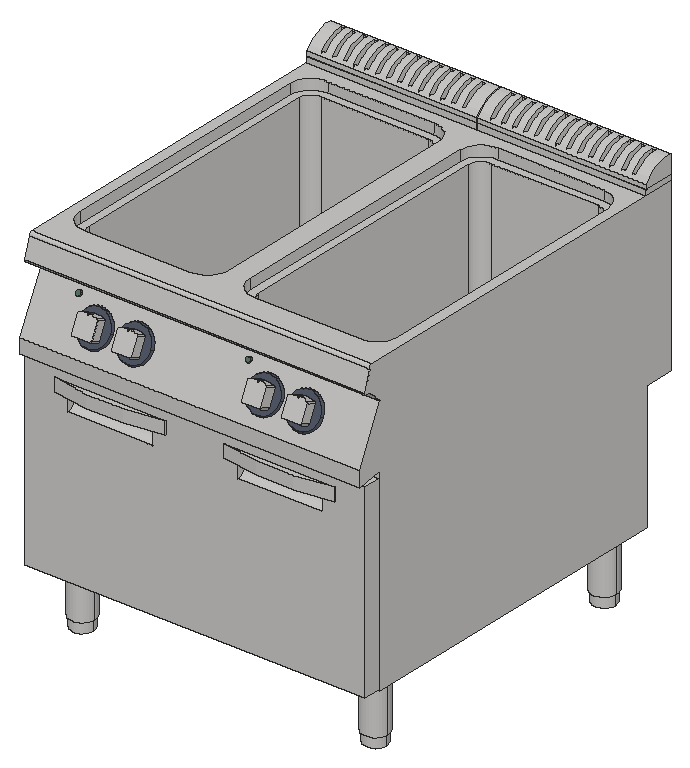
Revit family "QF_ZANUSSI_392127_Z9PCEH2MF0", category Specialty Equipment, Revit 2018
Family settings
  Round Connector Dimension = Use Diameter
  Part Type = Normal
  Work Plane-Based = No
  Always vertical = Yes
  Cut with Voids When Loaded = No
  Shared = No
  Room Calculation Point = No
Parameters
  Width = 800 mm  # constant formula
  Weight in Pounds = 115  # constant formula
  Weight = 0.00 kg
  Watts = 20000 W  # constant formula
  Waste Water Discharge Temperature [instance] = -459.67 °F
  Volts = 400 V  # constant formula
  URL Manufacturer = "http://www.zanussiprofessional.com"
  URL Cutsheet = "www.electrolux.com/foodservice"
  URL = "http://www.zanussiprofessional.com"
  Type Mark [instance] = ""
  Steam Supply Size = 0"
  Steam Supply Minimum Pressure = 0.00 psi
  Steam Supply Maximum Pressure = 0.00 psi
  Steam Pounds per Hour = 0
  Status [instance] = ""
  Specification by User [instance] = ""
  Specification by Manufacturer = ""
  Show Logo [instance] = yes
  Show Clearance [instance] = yes
  Serial Number = ""
  Seismic Rating = ""
  SMACNA No = ""
  Revision Code [instance] = ""
  Refrigeration Suction Line Size = 0"
  Refrigeration Liquid Line Size = 0"
  Refrigerant Compressor Remote = yes
  Plumbing Remarks [instance] = ""
  Plumbing Connection Type [instance] = ""
  Phase = 3
  Omniclass Number and Title = ""
  Number of Poles [instance] = 1
  NAFEM Spec ID Number = ""
  Model = "Z9PCEH2MF0"
  Min Ckt Ampacity = 0 A
  Max Overcurrent Protection = 0 A
  Masterspec = ""
  Manufacturer = "Zanussi"
  Length Actual = 800 mm  # constant formula
  Item Number [instance] = "392127"
  Installed By [instance] = ""
  Indirect Waste Size = 1"  # constant formula
  Indirect Waste Flow [instance] = 0 GPM
  Indirect Waste Connection Type [instance] = ""
  Indirect Waste Connection Height = 0 mm
  Identify Quantity as Lot [instance] = yes
  Hot Water Size = 0"
  Height Actual = 850 mm  # constant formula
  Height = 850 mm  # constant formula
  HP = "26.8 HP"
  Gas Size = 0"
  Gas KW = 0
  Gas Input Pressure = 0.0 Btu/h
  Furnished By [instance] = ""
  Foodservice Equipment Identifier [instance] = yes
  FL Amps = if(Phase = 3, Watts / (Volts * 1.73), Watts / Volts)  # 28.9017 A
  Electrical Remarks [instance] = "400 V/3N ph/50/60 Hz"  # constant formula
  Electric Connection Type [instance] = ""
  Elec Conn RI Height [instance] = 0 mm
  Elec Conn Connection Height [instance] = 0 mm
  Direct Waste Size = 1"
  Description = "ELECTRIC PASTA COOKER 2X40 LT WELLS"
  Depth Actual = 900 mm  # constant formula
  Depth = 915 mm  # constant formula
  Cycle [instance] = if([60 Hertz Option], 60 Hz, 50 Hz)  # 60 Hz
  Conn Plug = ""
  Conn Conduit = yes
  Condensate Return Size = 0"
  Compressed Air Volume = 0 GPM
  Compressed Air Size = 0"
  Compressed Air Pressure = 0.00 psi
  Cold Water Temperature Recommended [instance] = -459.67 °F
  Cold Water Size = 193/256"  # constant formula
  Cold Water RI Height [instance] = 0 mm
  Cold Water Minimum Pressure = 0.00 psi
  Cold Water Maximum Pressure = 0.00 psi
  Cold Water Flow [instance] = 0 GPM
  Cold Water Consumption = ""
  Cold Water Connection Height = 0 mm
  CSI MasterFormat = ""
  CSI Master Format = ""
  Base Height [instance] = 150 mm  # constant formula
  Apparent Power = if(Phase = 3, Volts * FL Amps * 1.73, Volts * FL Amps)  # 20000 VA
  Accessory = yes
  60 Hertz Option [instance] = not([50 Hertz Option])  # yes
  50 Hertz Option [instance] = no
Reference planes
  plane 1 "BACK": y = 0
  plane 2: z = 0
  plane 3 "LEFT": x = 0
  plane 4 "RIGHT": x = 800
  plane 5 "FRONT": y = -915
  plane 6 "TOP": z = 908
  plane 7 "Center Y": x = 400
  plane 8 "Center X": y = -457.5
  plane 9 "BASE": z = 600
  plane 10 "TOP A": z = 850
  plane 11: z = 150
  plane 12: y = -126
  plane 13: y = -800
  plane 14: y = -1273
  plane 15: x = 755
  plane 16: x = 232
  plane 17: x = 65
  plane 18: x = 737
  plane 19: x = 632
  plane 20: x = 55
  plane 21: x = 745
  plane 22: y = -900
Forms (mm)
  Extrusion 1, solid, material "QF_Finishes_Stainless Steel"
    sketch origin (0, 0, 0) x (0, 1, 0) y (0, 0, 1)
      loop
        line (0, 450.038) -> (0, 850) -> (-879.358, 850)
        arc (-879.358, 850) -> (-884.643, 847.811) -> (-886.833, 842.526) r 7.474
        line (-886.833, 842.526) -> (-899.884, 797.011)
        arc (-899.884, 797.011) -> (-899.396, 794.379) -> (-897, 793.184) r 3
        line (-897, 793.184) -> (-886.802, 793.184) -> (-854.982, 761.364) -> (-915, 640.508) -> (-915, 605.508) -> (-858.645, 613.428)
        arc (-858.645, 613.428) -> (-856.101, 612.674) -> (-855, 610.259) r 3.2
        line (-855, 610.259) -> (-855, 150) -> (-71.437, 150) -> (-71.437, 450.038) -> (0, 450.038)
      loop
        line (-900, 600) -> (-900, 155) -> (-860, 155) -> (-860, 600) -> (-900, 600)
    from 0 to 800
  Extrusion 2, solid, material "QF_Clearances", visible <- "Show Clearance", detail levels coarse
    sketch origin (0, 0, 0) x (1, 0, 0) y (0, 1, 0)
      loop
        line (0, -915) -> (0, 0) -> (800, 0) -> (800, -915) -> (950.019, -915) -> (950.019, 150.019) -> (-150.019, 150.019) -> (-150.019, -915) -> (0, -915)
    from 0 to 908
  Extrusion 3, solid, material "QF_Finishes_Stainless Steel"
    sketch origin (200, 0, 0) x (0, 1, 0) y (0, 0, 1)
      loop
        line (-71.89, 862.9) -> (-71.89, 850) -> (0, 850) -> (0, 862.9) -> (-71.89, 862.9)
    from -200 to 200
  Extrusion 4, solid, material "QF_Finishes_Stainless Steel"
    sketch origin (0, 0, 574.263) x (0, 1, 0) y (0, 0, 1)
      loop
        line (0, 288.637) -> (0, 333.737)
        arc (0, 333.737) -> (-39.584, 325.765) -> (-69.85, 299.037) r 77.853
        line (-69.85, 299.037) -> (-69.85, 288.637) -> (0, 288.637)
    from 0 to 400
  Extrusion 5, void
    sketch origin (0, 0, 848.9) x (0, -1, 0) y (1, 0, 0)
      loop
        line (6.761, 29.703) -> (63.911, 29.703) -> (63.911, 38.999) -> (6.761, 38.999) -> (6.761, 29.703)
      loop
        line (63.911, 64.487) -> (6.761, 64.487) -> (6.761, 55.191) -> (63.911, 55.191) -> (63.911, 64.487)
      loop
        line (63.911, 89.975) -> (6.761, 89.975) -> (6.761, 80.68) -> (63.911, 80.68) -> (63.911, 89.975)
      loop
        line (63.911, 115.464) -> (6.761, 115.464) -> (6.761, 106.168) -> (63.911, 106.168) -> (63.911, 115.464)
      loop
        line (63.911, 140.952) -> (6.761, 140.952) -> (6.761, 131.656) -> (63.911, 131.656) -> (63.911, 140.952)
      loop
        line (63.911, 166.44) -> (6.761, 166.44) -> (6.761, 157.145) -> (63.911, 157.145) -> (63.911, 166.44)
      loop
        line (63.911, 191.929) -> (6.761, 191.929) -> (6.761, 182.633) -> (63.911, 182.633) -> (63.911, 191.929)
      loop
        line (63.911, 217.417) -> (6.761, 217.417) -> (6.761, 208.121) -> (63.911, 208.121) -> (63.911, 217.417)
      loop
        line (63.911, 242.905) -> (6.761, 242.905) -> (6.761, 233.61) -> (63.911, 233.61) -> (63.911, 242.905)
      loop
        line (63.911, 268.394) -> (6.761, 268.394) -> (6.761, 259.098) -> (63.911, 259.098) -> (63.911, 268.394)
      loop
        line (63.911, 293.882) -> (6.761, 293.882) -> (6.761, 284.586) -> (63.911, 284.586) -> (63.911, 293.882)
      loop
        line (63.911, 319.37) -> (6.761, 319.37) -> (6.761, 310.075) -> (63.911, 310.075) -> (63.911, 319.37)
      loop
        line (63.911, 344.859) -> (6.761, 344.859) -> (6.761, 335.563) -> (63.911, 335.563) -> (63.911, 344.859)
      loop
        line (63.911, 370.347) -> (6.761, 370.347) -> (6.761, 361.051) -> (63.911, 361.051) -> (63.911, 370.347)
    from 25.4 to 63.5
  Extrusion 6, solid, material "QF_Finishes_Stainless Steel"
    sketch origin (600, 0, 0) x (0, 1, 0) y (0, 0, -1)
      loop
        line (-71.89, -862.9) -> (0, -862.9) -> (0, -850) -> (-71.89, -850) -> (-71.89, -862.9)
    from -200 to 200
  Extrusion 7, solid, material "QF_Finishes_Stainless Steel"
    sketch origin (800, 0, 574.263) x (0, 1, 0) y (0, 0, -1)
      loop
        line (0, -288.637) -> (-69.85, -288.637) -> (-69.85, -299.037)
        arc (-69.85, -299.037) -> (-39.584, -325.765) -> (0, -333.738) r 77.853
        line (0, -333.738) -> (0, -288.637)
    from 0 to 400
  Extrusion 8, void
    sketch origin (800, 0, 848.9) x (0, -1, 0) y (1, 0, 0)
      loop
        line (6.761, -29.703) -> (6.761, -38.999) -> (63.911, -38.999) -> (63.911, -29.703) -> (6.761, -29.703)
      loop
        line (63.911, -64.487) -> (63.911, -55.191) -> (6.761, -55.191) -> (6.761, -64.487) -> (63.911, -64.487)
      loop
        line (63.911, -90.975) -> (63.911, -81.68) -> (6.761, -81.68) -> (6.761, -90.975) -> (63.911, -90.975)
      loop
        line (63.911, -116.464) -> (63.911, -107.168) -> (6.761, -107.168) -> (6.761, -116.464) -> (63.911, -116.464)
      loop
        line (63.911, -141.952) -> (63.911, -132.656) -> (6.761, -132.656) -> (6.761, -141.952) -> (63.911, -141.952)
      loop
        line (63.911, -167.44) -> (63.911, -158.145) -> (6.761, -158.145) -> (6.761, -167.44) -> (63.911, -167.44)
      loop
        line (63.911, -192.929) -> (63.911, -183.633) -> (6.761, -183.633) -> (6.761, -192.929) -> (63.911, -192.929)
      loop
        line (63.911, -218.417) -> (63.911, -209.121) -> (6.761, -209.121) -> (6.761, -218.417) -> (63.911, -218.417)
      loop
        line (63.911, -243.905) -> (63.911, -234.61) -> (6.761, -234.61) -> (6.761, -243.905) -> (63.911, -243.905)
      loop
        line (63.911, -269.394) -> (63.911, -260.098) -> (6.761, -260.098) -> (6.761, -269.394) -> (63.911, -269.394)
      loop
        line (63.911, -294.882) -> (63.911, -285.586) -> (6.761, -285.586) -> (6.761, -294.882) -> (63.911, -294.882)
      loop
        line (63.911, -320.37) -> (63.911, -311.075) -> (6.761, -311.075) -> (6.761, -320.37) -> (63.911, -320.37)
      loop
        line (63.911, -345.859) -> (63.911, -336.563) -> (6.761, -336.563) -> (6.761, -345.859) -> (63.911, -345.859)
      loop
        line (63.911, -371.347) -> (63.911, -362.051) -> (6.761, -362.051) -> (6.761, -371.347) -> (63.911, -371.347)
    from 25.4 to 63.5
  Extrusion 9, void
    sketch origin (0, 0, 791) x (1, 0, 0) y (0, 1, 0)
      loop
        line (75, -800) -> (325, -800)
        arc (325, -800) -> (346.213, -791.213) -> (355, -770) r 30
        line (355, -770) -> (355, -606.643)
        arc (355, -606.643) -> (346.213, -627.856) -> (325, -636.643) r 30
        line (325, -636.643) -> (75, -636.643)
        arc (75, -636.643) -> (53.787, -627.856) -> (45, -606.643) r 30
        line (45, -606.643) -> (45, -770)
        arc (45, -770) -> (53.787, -791.213) -> (75, -800) r 30
    from 35 to -189.237
  Extrusion 10, void
    sketch origin (0, 0, 791) x (0, 1, 0) y (-1, 0, 0)
      loop
        arc (-121.89, -75) -> (-130.677, -53.787) -> (-151.89, -45) r 30
        line (-151.89, -45) -> (-606.643, -45)
        arc (-606.643, -45) -> (-627.856, -53.787) -> (-636.643, -75) r 30
        line (-636.643, -75) -> (-636.643, -325)
        arc (-636.643, -325) -> (-627.856, -346.213) -> (-606.643, -355) r 30
        line (-606.643, -355) -> (-151.89, -355)
        arc (-151.89, -355) -> (-130.677, -346.213) -> (-121.89, -325) r 30
        line (-121.89, -325) -> (-121.89, -75)
    from 35 to -339.237
  Extrusion 11, solid, material "QF_Finishes_Stainless Steel"
    sketch origin (0, 0, 0) x (1, 0, 0) y (0, 1, 0)
      loop
        circle (232, -780) r 12.7
    from 176 to 292.788
  Extrusion 12, solid, material "QF_Finishes_Stainless Steel"
    sketch origin (0, -70, 150) x (-1, 0, 0) y (0, 1, 0)
      loop
        circle (-599, -500) r 6.35
    from 0 to 10
  Extrusion 13, solid, material "QF_Finishes_Stainless Steel"
    sketch origin (552.628, 92.372, 0) x (1, 0, 0) y (0, 1, 0)
      loop
        circle (184.372, -792.372) r 9.525
    from 200 to 331.575
  Extrusion 14, solid, material "QF_Finishes_Stainless Steel"
    sketch origin (800, 0, 0) x (-1, 0, 0) y (0, -1, 0)
      loop
        circle (168, 780) r 12.7
    from 176 to 292.788
  Extrusion 15, void
    sketch origin (105, 0, 851) x (-1, 0, 0) y (0, -1, 0)
      loop
        arc (30, 101.89) -> (65.355, 116.535) -> (80, 151.89) r 50
        line (80, 151.89) -> (80, 770)
        arc (80, 770) -> (65.355, 805.355) -> (30, 820) r 50
        line (30, 820) -> (-220, 820)
        arc (-220, 820) -> (-255.355, 805.355) -> (-270, 770) r 50
        line (-270, 770) -> (-270, 151.89)
        arc (-270, 151.89) -> (-255.355, 116.535) -> (-220, 101.89) r 50
        line (-220, 101.89) -> (30, 101.89)
    from 0 to -25
  Revolve 16, solid, material "QF_Finishes_Stainless Steel"
    sketch origin (-1, -126, 608.09) x (0, 0, 1) y (-1, 0, 0)
      loop
        line (-608.09, -56) -> (-458.09, -56) -> (-458.09, -26) -> (-583.09, -26) -> (-583.09, -29.75) -> (-608.09, -29.75) -> (-608.09, -56)
      axis (-608.09, -56) -> (-458.09, -56)
    angle from 0 to 360
  Revolve 17, solid, material "QF_Finishes_Stainless Steel"
    sketch origin (-1, -800, 608.09) x (0, 0, 1) y (1, 0, 0)
      loop
        line (-608.09, 56) -> (-608.09, 29.75) -> (-583.09, 29.75) -> (-583.09, 26) -> (-458.09, 26) -> (-458.09, 56) -> (-608.09, 56)
      axis (-608.09, 56) -> (-458.09, 56)
    angle from 0 to 360
  Revolve 18, solid, material "QF_Finishes_Stainless Steel"
    sketch origin (801, -126, 608.09) x (0, 0, 1) y (-1, 0, 0)
      loop
        line (-608.09, 56) -> (-608.09, 29.75) -> (-583.09, 29.75) -> (-583.09, 26) -> (-458.09, 26) -> (-458.09, 56) -> (-608.09, 56)
      axis (-608.09, 56) -> (-458.09, 56)
    angle from 0 to 360
  Revolve 19, solid, material "QF_Finishes_Stainless Steel"
    sketch origin (801, -800, 608.09) x (0, 0, 1) y (1, 0, 0)
      loop
        line (-608.09, -56) -> (-458.09, -56) -> (-458.09, -26) -> (-583.09, -26) -> (-583.09, -29.75) -> (-608.09, -29.75) -> (-608.09, -56)
      axis (-608.09, -56) -> (-458.09, -56)
    angle from 0 to 360
  Extrusion 20, void
    sketch origin (800, 0, 791) x (0, -1, 0) y (1, 0, 0)
      loop
        line (121.89, -75) -> (121.89, -325)
        arc (121.89, -325) -> (130.677, -346.213) -> (151.89, -355) r 30
        line (151.89, -355) -> (606.643, -355)
        arc (606.643, -355) -> (627.856, -346.213) -> (636.643, -325) r 30
        line (636.643, -325) -> (636.643, -75)
        arc (636.643, -75) -> (627.856, -53.787) -> (606.643, -45) r 30
        line (606.643, -45) -> (151.89, -45)
        arc (151.89, -45) -> (130.677, -53.787) -> (121.89, -75) r 30
    from 35 to -339.237
  Extrusion 21, void
    sketch origin (695, 0, 851) x (1, 0, 0) y (0, 1, 0)
      loop
        line (30, -101.89) -> (-220, -101.89)
        arc (-220, -101.89) -> (-255.355, -116.535) -> (-270, -151.89) r 50
        line (-270, -151.89) -> (-270, -770)
        arc (-270, -770) -> (-255.355, -805.355) -> (-220, -820) r 50
        line (-220, -820) -> (30, -820)
        arc (30, -820) -> (65.355, -805.355) -> (80, -770) r 50
        line (80, -770) -> (80, -151.89)
        arc (80, -151.89) -> (65.355, -116.535) -> (30, -101.89) r 50
    from 0 to -25
  Extrusion 22, void
    sketch origin (800, 0, 791) x (-1, 0, 0) y (0, -1, 0)
      loop
        arc (75, 800) -> (53.787, 791.213) -> (45, 770) r 30
        line (45, 770) -> (45, 606.643)
        arc (45, 606.643) -> (53.787, 627.856) -> (75, 636.643) r 30
        line (75, 636.643) -> (325, 636.643)
        arc (325, 636.643) -> (346.213, 627.856) -> (355, 606.643) r 30
        line (355, 606.643) -> (355, 770)
        arc (355, 770) -> (346.213, 791.213) -> (325, 800) r 30
        line (325, 800) -> (75, 800)
    from 35 to -189.237
  Extrusion 23, solid, material "QF_Plastic-Black-Matte"
    sketch origin (190, -884.991, 700.936) x (0, 0.444781, 0.895639) y (0, 0.895639, -0.444781)
      loop
        line (26.984, -34) -> (23.984, -34) -> (23.984, -35) -> (26.984, -35)
        arc (26.984, -35) -> (27.691, -34.707) -> (27.984, -34) r 1
        line (27.984, -34) -> (27.984, -19) -> (26.984, -19) -> (26.984, -34)
    from -58.5 to -56.5
  Extrusion 24, solid, material "QF_Finishes_Stainless Steel"
    sketch origin (247.5, -884.991, 700.936) x (-1, 0, 0) y (0, -0.444781, -0.895639)
      loop
        line (17.5, -17.5) -> (17.5, 17.5) -> (-17.5, 17.5) -> (-17.5, -17.5) -> (17.5, -17.5)
    from 5 to 10
  Extrusion 25, solid, material "QF_Finishes_Stainless Steel"
    sketch origin (247.5, -884.991, 700.936) x (-1, 0, 0) y (0, -0.444781, -0.895639)
      loop
        arc (-21.147, -22.789) -> (0, -26.984) -> (21.147, -22.789) r 55.4
        arc (21.147, -22.789) -> (22.494, -21.685) -> (23, -20.019) r 2.997
        line (23, -20.019) -> (23, 20.019)
        arc (23, 20.019) -> (22.122, 22.138) -> (20.003, 23.016) r 2.997
        line (20.003, 23.016) -> (-20.003, 23.016)
        arc (-20.003, 23.016) -> (-22.122, 22.138) -> (-23, 20.019) r 2.997
        line (-23, 20.019) -> (-23, -20.019)
        arc (-23, -20.019) -> (-22.494, -21.685) -> (-21.147, -22.789) r 2.997
    from 10 to 34
  Blend 26, solid, material "QF_Finishes_Navy Blue"
    base sketch origin (247.5, -884.991, 700.936) x (1, 0, 0) y (0, 0.444781, 0.895639)
      loop
        circle (0, 0) r 42.5
    top sketch origin (247.5, -884.991, 700.936) x (1, 0, 0) y (0, 0.444781, 0.895639)
      loop
        circle (0, 0) r 40.5
    from 0 to 5
  Extrusion 27, solid, material "QF_Finishes_Stainless Steel"
    sketch origin (152.5, -884.991, 700.936) x (1, 0, 0) y (0, 0.444781, 0.895639)
      loop
        arc (-21.147, 22.789) -> (-22.494, 21.685) -> (-23, 20.019) r 2.997
        line (-23, 20.019) -> (-23, -20.019)
        arc (-23, -20.019) -> (-22.122, -22.138) -> (-20.003, -23.016) r 2.997
        line (-20.003, -23.016) -> (20.003, -23.016)
        arc (20.003, -23.016) -> (22.122, -22.138) -> (23, -20.019) r 2.997
        line (23, -20.019) -> (23, 20.019)
        arc (23, 20.019) -> (22.494, 21.685) -> (21.147, 22.789) r 2.997
        arc (21.147, 22.789) -> (0, 26.984) -> (-21.147, 22.789) r 55.4
    from 10 to 34
  Extrusion 28, solid, material "QF_Plastic-Black-Matte"
    sketch origin (232.5, -884.991, 700.936) x (0, 0.444781, 0.895639) y (0, -0.895639, 0.444781)
      loop
        line (26.984, 34) -> (26.984, 19) -> (27.984, 19) -> (27.984, 34)
        arc (27.984, 34) -> (27.691, 34.707) -> (26.984, 35) r 1
        line (26.984, 35) -> (23.984, 35) -> (23.984, 34) -> (26.984, 34)
    from -81 to -79
  Extrusion 29, solid, material "QF_Finishes_DarkGreen"
    sketch origin (152.5, -862.752, 745.718) x (1, 0, 0) y (0, 0.444781, 0.895639)
      loop
        circle (-55.001, 0) r 6
    from 0 to 1.6
  Extrusion 30, solid, material "QF_Finishes_Stainless Steel"
    sketch origin (152.5, -884.991, 700.936) x (1, 0, 0) y (0, 0.444781, 0.895639)
      loop
        line (17.5, 17.5) -> (-17.5, 17.5) -> (-17.5, -17.5) -> (17.5, -17.5) -> (17.5, 17.5)
    from 5 to 10
  Blend 31, solid, material "QF_Finishes_Navy Blue"
    base sketch origin (152.5, -884.991, 700.936) x (1, 0, 0) y (0, 0.444781, 0.895639)
      loop
        circle (0, 0) r 42.5
    top sketch origin (152.5, -884.991, 700.936) x (1, 0, 0) y (0, 0.444781, 0.895639)
      loop
        circle (0, 0) r 40.5
    from 0 to 5
  Extrusion 32, void
    sketch origin (200, -227.862, -5) x (0, 1, 0) y (0, 0, 1)
      loop
        line (-672.137, 567) -> (-672.137, 517)
        arc (-672.137, 517) -> (-656.47, 524.721) -> (-650.137, 541) r 24.091
        line (-650.137, 541) -> (-650.137, 567) -> (-672.137, 567)
    from -100 to 100
  Extrusion 33, solid, material "QF_Finishes_Stainless Steel"
    sketch origin (-77.88, -4772, 145) x (-1, 0, 0) y (0, -1, 0)
      loop
        arc (-147.606, -3871.085) -> (-277.88, -3857) -> (-408.153, -3871.085) r 609.497
        line (-408.153, -3871.085) -> (-408.153, -3872) -> (-147.606, -3872) -> (-147.606, -3871.085)
    from 400 to 430
  Extrusion 34, void
    sketch origin (600, -227.862, -5) x (0, 1, 0) y (0, 0, 1)
      loop
        line (-672.137, 567) -> (-672.137, 517)
        arc (-672.137, 517) -> (-656.47, 524.721) -> (-650.137, 541) r 24.091
        line (-650.137, 541) -> (-650.137, 567) -> (-672.137, 567)
    from -100 to 100
  Extrusion 35, solid, material "QF_Finishes_Stainless Steel"
    sketch origin (322.12, -4772, 145) x (-1, 0, 0) y (0, -1, 0)
      loop
        arc (-147.606, -3871.085) -> (-277.88, -3857) -> (-408.153, -3871.085) r 609.497
        line (-408.153, -3871.085) -> (-408.153, -3872) -> (-147.606, -3872) -> (-147.606, -3871.085)
    from 400 to 430
  Extrusion 36, solid, material "QF_Finishes_Door Clearance", visible <- "Show Clearance", detail levels coarse
    sketch origin (0, -200, 845) x (-1, 0, 0) y (0, -1, 0)
      loop
        arc (0, 1073) -> (-280.596, 964.46) -> (-397.87, 687.4) r 385.701
        line (-397.87, 687.4) -> (0, 687.4) -> (0, 1073)
      loop
        line (-800, 1073) -> (-800, 687.4) -> (-402.13, 687.4)
        arc (-402.13, 687.4) -> (-519.404, 964.46) -> (-800, 1073) r 385.701
    from -695 to -250
  Extrusion 37, solid, material "QF_Plastic-Black-Matte"
    sketch origin (590, -884.991, 700.936) x (0, 0.444781, 0.895639) y (0, 0.895639, -0.444781)
      loop
        line (26.984, -34) -> (23.984, -34) -> (23.984, -35) -> (26.984, -35)
        arc (26.984, -35) -> (27.691, -34.707) -> (27.984, -34) r 1
        line (27.984, -34) -> (27.984, -19) -> (26.984, -19) -> (26.984, -34)
    from -58.5 to -56.5
  Extrusion 38, solid, material "QF_Finishes_Stainless Steel"
    sketch origin (647.5, -884.991, 700.936) x (-1, 0, 0) y (0, -0.444781, -0.895639)
      loop
        line (17.5, -17.5) -> (17.5, 17.5) -> (-17.5, 17.5) -> (-17.5, -17.5) -> (17.5, -17.5)
    from 5 to 10
  Extrusion 39, solid, material "QF_Finishes_Stainless Steel"
    sketch origin (647.5, -884.991, 700.936) x (-1, 0, 0) y (0, -0.444781, -0.895639)
      loop
        arc (-21.147, -22.789) -> (0, -26.984) -> (21.147, -22.789) r 55.4
        arc (21.147, -22.789) -> (22.494, -21.685) -> (23, -20.019) r 2.997
        line (23, -20.019) -> (23, 20.019)
        arc (23, 20.019) -> (22.122, 22.138) -> (20.003, 23.016) r 2.997
        line (20.003, 23.016) -> (-20.003, 23.016)
        arc (-20.003, 23.016) -> (-22.122, 22.138) -> (-23, 20.019) r 2.997
        line (-23, 20.019) -> (-23, -20.019)
        arc (-23, -20.019) -> (-22.494, -21.685) -> (-21.147, -22.789) r 2.997
    from 10 to 34
  Blend 40, solid, material "QF_Finishes_Navy Blue"
    base sketch origin (647.5, -884.991, 700.936) x (1, 0, 0) y (0, 0.444781, 0.895639)
      loop
        circle (0, 0) r 42.5
    top sketch origin (647.5, -884.991, 700.936) x (1, 0, 0) y (0, 0.444781, 0.895639)
      loop
        circle (0, 0) r 40.5
    from 0 to 5
  Extrusion 41, solid, material "QF_Finishes_Stainless Steel"
    sketch origin (552.5, -884.991, 700.936) x (1, 0, 0) y (0, 0.444781, 0.895639)
      loop
        arc (-21.147, 22.789) -> (-22.494, 21.685) -> (-23, 20.019) r 2.997
        line (-23, 20.019) -> (-23, -20.019)
        arc (-23, -20.019) -> (-22.122, -22.138) -> (-20.003, -23.016) r 2.997
        line (-20.003, -23.016) -> (20.003, -23.016)
        arc (20.003, -23.016) -> (22.122, -22.138) -> (23, -20.019) r 2.997
        line (23, -20.019) -> (23, 20.019)
        arc (23, 20.019) -> (22.494, 21.685) -> (21.147, 22.789) r 2.997
        arc (21.147, 22.789) -> (0, 26.984) -> (-21.147, 22.789) r 55.4
    from 10 to 34
  Extrusion 42, solid, material "QF_Plastic-Black-Matte"
    sketch origin (632.5, -884.991, 700.936) x (0, 0.444781, 0.895639) y (0, -0.895639, 0.444781)
      loop
        line (26.984, 34) -> (26.984, 19) -> (27.984, 19) -> (27.984, 34)
        arc (27.984, 34) -> (27.691, 34.707) -> (26.984, 35) r 1
        line (26.984, 35) -> (23.984, 35) -> (23.984, 34) -> (26.984, 34)
    from -81 to -79
  Extrusion 43, solid, material "QF_Finishes_DarkGreen"
    sketch origin (552.5, -862.752, 745.718) x (1, 0, 0) y (0, 0.444781, 0.895639)
      loop
        circle (-55.001, 0) r 6
    from 0 to 1.6
  Extrusion 44, solid, material "QF_Finishes_Stainless Steel"
    sketch origin (552.5, -884.991, 700.936) x (1, 0, 0) y (0, 0.444781, 0.895639)
      loop
        line (17.5, 17.5) -> (-17.5, 17.5) -> (-17.5, -17.5) -> (17.5, -17.5) -> (17.5, 17.5)
    from 5 to 10
  Blend 45, solid, material "QF_Finishes_Navy Blue"
    base sketch origin (552.5, -884.991, 700.936) x (1, 0, 0) y (0, 0.444781, 0.895639)
      loop
        circle (0, 0) r 42.5
    top sketch origin (552.5, -884.991, 700.936) x (1, 0, 0) y (0, 0.444781, 0.895639)
      loop
        circle (0, 0) r 40.5
    from 0 to 5
Cuts and joins
  Extrusion 9, Extrusion 10, Extrusion 15, Extrusion 20, Extrusion 21, Extrusion 22, Extrusion 32, Extrusion 34 cuts Extrusion 1
  Extrusion 5, Extrusion 8 cuts Extrusion 4
  Extrusion 8 cuts Extrusion 7
Lines and regions (mm)
  Split face 1
    outline origin (247.5, -889.469, 703.16) x (1, 0, 0) y (0, 0.444781, 0.895639)
      loop
        arc (-0.521, 36.501) -> (-26.491, 26.394) -> (-37.708, 0.884) r 36.411
        line (-37.708, 0.884) -> (-31.708, 0.884)
        arc (-31.708, 0.884) -> (-21.998, 23.844) -> (-0.521, 36.501) r 39.733
  Split face 2
    outline origin (152.5, -889.469, 703.16) x (0, -0.444781, -0.895639) y (1, 0, 0)
      loop
        circle (-34, 0) r 1.5
  Split face 3
    outline origin (152.5, -889.469, 703.16) x (1, 0, 0) y (0, 0.444781, 0.895639)
      loop
        circle (-32.336, 10.507) r 1.5
  Split face 4
    outline origin (152.5, -889.469, 703.16) x (1, 0, 0) y (0, 0.444781, 0.895639)
      loop
        circle (-19.985, -27.507) r 1.5
  Split face 5
    outline origin (152.5, -889.469, 703.16) x (1, 0, 0) y (0, 0.444781, 0.895639)
      loop
        circle (19.985, -27.507) r 1.5
  Split face 6
    outline origin (152.5, -889.469, 703.16) x (1, 0, 0) y (0, 0.444781, 0.895639)
      loop
        circle (32.336, 10.507) r 1.5
  Split face 7
    outline origin (647.5, -889.469, 703.16) x (1, 0, 0) y (0, 0.444781, 0.895639)
      loop
        arc (-0.521, 36.501) -> (-26.491, 26.394) -> (-37.708, 0.884) r 36.411
        line (-37.708, 0.884) -> (-31.708, 0.884)
        arc (-31.708, 0.884) -> (-21.998, 23.844) -> (-0.521, 36.501) r 39.733
  Split face 8
    outline origin (552.5, -889.469, 703.16) x (0, -0.444781, -0.895639) y (1, 0, 0)
      loop
        circle (-34, 0) r 1.5
  Split face 9
    outline origin (552.5, -889.469, 703.16) x (1, 0, 0) y (0, 0.444781, 0.895639)
      loop
        circle (-32.336, 10.507) r 1.5
  Split face 10
    outline origin (552.5, -889.469, 703.16) x (1, 0, 0) y (0, 0.444781, 0.895639)
      loop
        circle (-19.985, -27.507) r 1.5
  Split face 11
    outline origin (552.5, -889.469, 703.16) x (1, 0, 0) y (0, 0.444781, 0.895639)
      loop
        circle (19.985, -27.507) r 1.5
  Split face 12
    outline origin (552.5, -889.469, 703.16) x (1, 0, 0) y (0, 0.444781, 0.895639)
      loop
        circle (32.336, 10.507) r 1.5
  symbolic lines, style "QF_Clearances", visible <- "Show Clearance", detail levels coarse
    curve 1: line (-150.019, 150.019, 850) -> (-150.019, -916.377, 850)
    curve 2: line (950.019, 150.019, 850) -> (-150.019, 150.019, 850)
    curve 6: line (950.019, 150.019, 850) -> (950.019, -916.377, 850)
  symbolic lines
    curve 3: line (0, -915, 850) -> (0, 0, 850)
    curve 4: line (0, -71.89, 850) -> (400, -71.89, 850)
    curve 5: line (0, 0, 850) -> (400, 0, 850)
    curve 7: line (800, -915.439, 850) -> (800, 0, 850)
    curve 8: line (800, -71.89, 850) -> (400, -71.89, 850)
    curve 9: line (800, 0, 850) -> (400, 0, 850)
    curve 12: line (38.999, -63.911, 850) -> (29.703, -63.911, 850)
    curve 13: line (38.999, -6.761, 850) -> (38.999, -63.911, 850)
    curve 14: line (29.703, -6.761, 850) -> (38.999, -6.761, 850)
    curve 15: line (29.703, -63.911, 850) -> (29.703, -6.761, 850)
    curve 16: line (64.487, -63.911, 850) -> (55.191, -63.911, 850)
    curve 17: line (64.487, -6.761, 850) -> (64.487, -63.911, 850)
    curve 18: line (55.191, -6.761, 850) -> (64.487, -6.761, 850)
    curve 19: line (55.191, -63.911, 850) -> (55.191, -6.761, 850)
    curve 20: line (89.975, -63.911, 850) -> (80.68, -63.911, 850)
    curve 21: line (89.975, -6.761, 850) -> (89.975, -63.911, 850)
    curve 22: line (80.68, -6.761, 850) -> (89.975, -6.761, 850)
    curve 23: line (80.68, -63.911, 850) -> (80.68, -6.761, 850)
    curve 24: line (115.464, -63.911, 850) -> (106.168, -63.911, 850)
    curve 25: line (115.464, -6.761, 850) -> (115.464, -63.911, 850)
    curve 26: line (106.168, -6.761, 850) -> (115.464, -6.761, 850)
    curve 27: line (106.168, -63.911, 850) -> (106.168, -6.761, 850)
    curve 28: line (140.952, -63.911, 850) -> (131.656, -63.911, 850)
    curve 29: line (140.952, -6.761, 850) -> (140.952, -63.911, 850)
    curve 30: line (131.656, -6.761, 850) -> (140.952, -6.761, 850)
    curve 31: line (131.656, -63.911, 850) -> (131.656, -6.761, 850)
    curve 32: line (166.44, -63.911, 850) -> (157.145, -63.911, 850)
    curve 33: line (166.44, -6.761, 850) -> (166.44, -63.911, 850)
    curve 34: line (157.145, -6.761, 850) -> (166.44, -6.761, 850)
    curve 35: line (157.145, -63.911, 850) -> (157.145, -6.761, 850)
    curve 36: line (191.929, -63.911, 850) -> (182.633, -63.911, 850)
    curve 37: line (191.929, -6.761, 850) -> (191.929, -63.911, 850)
    curve 38: line (182.633, -6.761, 850) -> (191.929, -6.761, 850)
    curve 39: line (182.633, -63.911, 850) -> (182.633, -6.761, 850)
    curve 40: line (217.417, -63.911, 850) -> (208.121, -63.911, 850)
    curve 41: line (217.417, -6.761, 850) -> (217.417, -63.911, 850)
    curve 42: line (208.121, -6.761, 850) -> (217.417, -6.761, 850)
    curve 43: line (208.121, -63.911, 850) -> (208.121, -6.761, 850)
    curve 44: line (242.905, -63.911, 850) -> (233.61, -63.911, 850)
    curve 45: line (242.905, -6.761, 850) -> (242.905, -63.911, 850)
    curve 46: line (233.61, -6.761, 850) -> (242.905, -6.761, 850)
    curve 47: line (233.61, -63.911, 850) -> (233.61, -6.761, 850)
    curve 48: line (268.394, -63.911, 850) -> (259.098, -63.911, 850)
    curve 49: line (268.394, -6.761, 850) -> (268.394, -63.911, 850)
    curve 50: line (259.098, -6.761, 850) -> (268.394, -6.761, 850)
    curve 51: line (259.098, -63.911, 850) -> (259.098, -6.761, 850)
    curve 52: line (293.882, -63.911, 850) -> (284.586, -63.911, 850)
    curve 53: line (293.882, -6.761, 850) -> (293.882, -63.911, 850)
    curve 54: line (284.586, -6.761, 850) -> (293.882, -6.761, 850)
    curve 55: line (284.586, -63.911, 850) -> (284.586, -6.761, 850)
    curve 56: line (319.37, -63.911, 850) -> (310.075, -63.911, 850)
    curve 57: line (319.37, -6.761, 850) -> (319.37, -63.911, 850)
    curve 58: line (310.075, -6.761, 850) -> (319.37, -6.761, 850)
    curve 59: line (310.075, -63.911, 850) -> (310.075, -6.761, 850)
    curve 60: line (344.859, -63.911, 850) -> (335.563, -63.911, 850)
    curve 61: line (344.859, -6.761, 850) -> (344.859, -63.911, 850)
    curve 62: line (335.563, -6.761, 850) -> (344.859, -6.761, 850)
    curve 63: line (335.563, -63.911, 850) -> (335.563, -6.761, 850)
    curve 64: line (370.347, -63.911, 850) -> (361.051, -63.911, 850)
    curve 65: line (370.347, -6.761, 850) -> (370.347, -63.911, 850)
    curve 66: line (361.051, -6.761, 850) -> (370.347, -6.761, 850)
    curve 67: line (361.051, -63.911, 850) -> (361.051, -6.761, 850)
    curve 68: line (761.001, -63.911, 850) -> (770.297, -63.911, 850)
    curve 69: line (761.001, -6.761, 850) -> (761.001, -63.911, 850)
    curve 70: line (770.297, -6.761, 850) -> (761.001, -6.761, 850)
    curve 71: line (770.297, -63.911, 850) -> (770.297, -6.761, 850)
    curve 72: line (735.513, -63.911, 850) -> (744.809, -63.911, 850)
    curve 73: line (735.513, -6.761, 850) -> (735.513, -63.911, 850)
    curve 74: line (744.809, -6.761, 850) -> (735.513, -6.761, 850)
    curve 75: line (744.809, -63.911, 850) -> (744.809, -6.761, 850)
    curve 76: line (710.025, -63.911, 850) -> (719.32, -63.911, 850)
    curve 77: line (710.025, -6.761, 850) -> (710.025, -63.911, 850)
    curve 78: line (719.32, -6.761, 850) -> (710.025, -6.761, 850)
    curve 79: line (719.32, -63.911, 850) -> (719.32, -6.761, 850)
    curve 80: line (684.536, -63.911, 850) -> (693.832, -63.911, 850)
    curve 81: line (684.536, -6.761, 850) -> (684.536, -63.911, 850)
    curve 82: line (693.832, -6.761, 850) -> (684.536, -6.761, 850)
    curve 83: line (693.832, -63.911, 850) -> (693.832, -6.761, 850)
    curve 84: line (659.048, -63.911, 850) -> (668.344, -63.911, 850)
    curve 85: line (659.048, -6.761, 850) -> (659.048, -63.911, 850)
    curve 86: line (668.344, -6.761, 850) -> (659.048, -6.761, 850)
    curve 87: line (668.344, -63.911, 850) -> (668.344, -6.761, 850)
    curve 88: line (632.56, -63.911, 850) -> (641.855, -63.911, 850)
    curve 89: line (632.56, -6.761, 850) -> (632.56, -63.911, 850)
    curve 90: line (641.855, -6.761, 850) -> (632.56, -6.761, 850)
    curve 91: line (641.855, -63.911, 850) -> (641.855, -6.761, 850)
    curve 92: line (607.071, -63.911, 850) -> (616.367, -63.911, 850)
    curve 93: line (607.071, -6.761, 850) -> (607.071, -63.911, 850)
    curve 94: line (616.367, -6.761, 850) -> (607.071, -6.761, 850)
    curve 95: line (616.367, -63.911, 850) -> (616.367, -6.761, 850)
    curve 96: line (581.583, -63.911, 850) -> (590.879, -63.911, 850)
    curve 97: line (581.583, -6.761, 850) -> (581.583, -63.911, 850)
    curve 98: line (590.879, -6.761, 850) -> (581.583, -6.761, 850)
    curve 99: line (590.879, -63.911, 850) -> (590.879, -6.761, 850)
    curve 100: line (556.095, -63.911, 850) -> (565.39, -63.911, 850)
    curve 101: line (556.095, -6.761, 850) -> (556.095, -63.911, 850)
    curve 102: line (565.39, -6.761, 850) -> (556.095, -6.761, 850)
    curve 103: line (565.39, -63.911, 850) -> (565.39, -6.761, 850)
    curve 104: line (530.606, -63.911, 850) -> (539.902, -63.911, 850)
    curve 105: line (530.606, -6.761, 850) -> (530.606, -63.911, 850)
    curve 106: line (539.902, -6.761, 850) -> (530.606, -6.761, 850)
    curve 107: line (539.902, -63.911, 850) -> (539.902, -6.761, 850)
    curve 108: line (505.118, -63.911, 850) -> (514.414, -63.911, 850)
    curve 109: line (505.118, -6.761, 850) -> (505.118, -63.911, 850)
    curve 110: line (514.414, -6.761, 850) -> (505.118, -6.761, 850)
    curve 111: line (514.414, -63.911, 850) -> (514.414, -6.761, 850)
    curve 112: line (479.63, -63.911, 850) -> (488.925, -63.911, 850)
    curve 113: line (479.63, -6.761, 850) -> (479.63, -63.911, 850)
    curve 114: line (488.925, -6.761, 850) -> (479.63, -6.761, 850)
    curve 115: line (488.925, -63.911, 850) -> (488.925, -6.761, 850)
    curve 116: line (454.141, -63.911, 850) -> (463.437, -63.911, 850)
    curve 117: line (454.141, -6.761, 850) -> (454.141, -63.911, 850)
    curve 118: line (463.437, -6.761, 850) -> (454.141, -6.761, 850)
    curve 119: line (463.437, -63.911, 850) -> (463.437, -6.761, 850)
    curve 120: line (428.653, -63.911, 850) -> (437.949, -63.911, 850)
    curve 121: line (428.653, -6.761, 850) -> (428.653, -63.911, 850)
    curve 122: line (437.949, -6.761, 850) -> (428.653, -6.761, 850)
    curve 123: line (437.949, -63.911, 850) -> (437.949, -6.761, 850)
    curve 124: line (25, -770, 850) -> (25, -151.89, 850)
    curve 125: arc (25, -151.89, 850) -> (39.645, -116.535, 850) -> (75, -101.89, 850) r 50
    curve 126: line (75, -101.89, 850) -> (325, -101.89, 850)
    curve 127: arc (325, -101.89, 850) -> (360.355, -116.535, 850) -> (375, -151.89, 850) r 50
    curve 128: line (375, -151.89, 850) -> (375, -770, 850)
    curve 129: arc (375, -770, 850) -> (360.355, -805.355, 850) -> (325, -820, 850) r 50
    curve 130: line (325, -820, 850) -> (75, -820, 850)
    curve 131: arc (75, -820, 850) -> (39.645, -805.355, 850) -> (25, -770, 850) r 50
    curve 132: line (45, -770, 850) -> (45, -151.89, 850)
    curve 133: arc (45, -151.89, 850) -> (53.787, -130.677, 850) -> (75, -121.89, 850) r 30
    curve 134: line (75, -121.89, 850) -> (325, -121.89, 850)
    curve 135: arc (325, -121.89, 850) -> (346.213, -130.677, 850) -> (355, -151.89, 850) r 30
    curve 136: line (355, -151.89, 850) -> (355, -770, 850)
    curve 137: arc (355, -770, 850) -> (346.213, -791.213, 850) -> (325, -800, 850) r 30
    curve 138: line (325, -800, 850) -> (75, -800, 850)
    curve 139: arc (75, -800, 850) -> (53.787, -791.213, 850) -> (45, -770, 850) r 30
    curve 140: line (75, -636.643, 850) -> (325, -636.643, 850)
    curve 141: arc (45, -606.643, 850) -> (53.787, -627.856, 850) -> (75, -636.643, 850) r 30
    curve 142: arc (325, -636.643, 850) -> (346.213, -627.856, 850) -> (355, -606.643, 850) r 30
    curve 143: line (775, -770, 850) -> (775, -151.89, 850)
    curve 144: arc (775, -151.89, 850) -> (760.355, -116.535, 850) -> (725, -101.89, 850) r 50
    curve 145: line (725, -101.89, 850) -> (475, -101.89, 850)
    curve 146: arc (475, -101.89, 850) -> (439.645, -116.535, 850) -> (425, -151.89, 850) r 50
    curve 147: line (425, -151.89, 850) -> (425, -770, 850)
    curve 148: arc (425, -770, 850) -> (439.645, -805.355, 850) -> (475, -820, 850) r 50
    curve 149: line (475, -820, 850) -> (725, -820, 850)
    curve 150: arc (725, -820, 850) -> (760.355, -805.355, 850) -> (775, -770, 850) r 50
    curve 151: line (755, -770, 850) -> (755, -151.89, 850)
    curve 152: arc (755, -151.89, 850) -> (746.213, -130.677, 850) -> (725, -121.89, 850) r 30
    curve 153: line (725, -121.89, 850) -> (475, -121.89, 850)
    curve 154: arc (475, -121.89, 850) -> (453.787, -130.677, 850) -> (445, -151.89, 850) r 30
    curve 155: line (445, -151.89, 850) -> (445, -770, 850)
    curve 156: arc (445, -770, 850) -> (453.787, -791.213, 850) -> (475, -800, 850) r 30
    curve 157: line (475, -800, 850) -> (725, -800, 850)
    curve 158: arc (725, -800, 850) -> (746.213, -791.213, 850) -> (755, -770, 850) r 30
    curve 159: line (725, -636.643, 850) -> (475, -636.643, 850)
    curve 160: arc (755, -606.643, 850) -> (746.213, -627.856, 850) -> (725, -636.643, 850) r 30
    curve 161: arc (475, -636.643, 850) -> (453.787, -627.856, 850) -> (445, -606.643, 850) r 30
    curve 162: line (775, -770, 850) -> (775, -151.89, 850)
    curve 163: arc (775, -151.89, 850) -> (760.355, -116.535, 850) -> (725, -101.89, 850) r 50
    curve 164: line (725, -101.89, 850) -> (475, -101.89, 850)
    curve 165: arc (475, -101.89, 850) -> (439.645, -116.535, 850) -> (425, -151.89, 850) r 50
    curve 166: line (425, -151.89, 850) -> (425, -770, 850)
    curve 167: arc (425, -770, 850) -> (439.645, -805.355, 850) -> (475, -820, 850) r 50
    curve 168: line (475, -820, 850) -> (725, -820, 850)
    curve 169: arc (725, -820, 850) -> (760.355, -805.355, 850) -> (775, -770, 850) r 50
    curve 170: line (755, -770, 850) -> (755, -151.89, 850)
    curve 171: arc (755, -151.89, 850) -> (746.213, -130.677, 850) -> (725, -121.89, 850) r 30
    curve 172: line (725, -121.89, 850) -> (475, -121.89, 850)
    curve 173: arc (475, -121.89, 850) -> (453.787, -130.677, 850) -> (445, -151.89, 850) r 30
    curve 174: line (445, -151.89, 850) -> (445, -770, 850)
    curve 175: arc (445, -770, 850) -> (453.787, -791.213, 850) -> (475, -800, 850) r 30
    curve 176: line (475, -800, 850) -> (725, -800, 850)
    curve 177: arc (725, -800, 850) -> (746.213, -791.213, 850) -> (755, -770, 850) r 30
    curve 178: line (0, -900, 0) -> (800, -900, 0)
    curve 179: line (129.525, -900, 0) -> (129.525, -924.347, 0)
    curve 180: arc (129.525, -924.347, 0) -> (129.671, -924.811, 0) -> (130.057, -925.107, 0) r 0.809
    curve 181: arc (130.057, -925.107, 0) -> (131.245, -925.587, 0) -> (132.522, -925.68, 0) r 4.127
    curve 182: arc (129.525, -904.292, 0) -> (124.484, -902.458, 0) -> (119.716, -900, 0) r 42.24
    curve 183: arc (129.525, -906.539, 0) -> (130.027, -905.818, 0) -> (130.824, -905.448, 0) r 1.682
    curve 184: arc (130.824, -905.448, 0) -> (141.127, -903.95, 0) -> (151.525, -903.441, 0) r 109.079
    curve 185: line (151.525, -900, 0) -> (151.525, -905.671, 0)
    curve 186: line (151.525, -905.671, 0) -> (153.525, -905.671, 0)
    curve 187: line (153.525, -905.671, 0) -> (153.525, -900, 0)
    curve 188: line (175.525, -900, 0) -> (175.525, -924.347, 0)
    curve 189: arc (175.525, -924.347, 0) -> (175.379, -924.811, 0) -> (174.993, -925.107, 0) r 0.809
    curve 190: arc (174.993, -925.107, 0) -> (173.805, -925.587, 0) -> (172.528, -925.68, 0) r 4.127
    curve 191: arc (175.525, -904.292, 0) -> (180.566, -902.458, 0) -> (185.334, -900, 0) r 42.24
    curve 192: arc (175.525, -906.539, 0) -> (175.023, -905.818, 0) -> (174.226, -905.448, 0) r 1.682
    curve 193: arc (174.226, -905.448, 0) -> (163.923, -903.95, 0) -> (153.525, -903.441, 0) r 109.079
    curve 194: line (132.522, -925.68, 0) -> (172.528, -925.68, 0)
    curve 195: line (270.525, -900, 0) -> (270.525, -924.347, 0)
    curve 196: arc (270.525, -924.347, 0) -> (270.379, -924.811, 0) -> (269.993, -925.107, 0) r 0.809
    curve 197: arc (269.993, -925.107, 0) -> (268.805, -925.587, 0) -> (267.528, -925.68, 0) r 4.127
    curve 198: arc (270.525, -904.292, 0) -> (275.566, -902.458, 0) -> (280.334, -900, 0) r 42.24
    curve 199: arc (270.525, -906.539, 0) -> (270.023, -905.818, 0) -> (269.226, -905.448, 0) r 1.682
    curve 200: arc (269.226, -905.448, 0) -> (258.923, -903.95, 0) -> (248.525, -903.441, 0) r 109.079
    curve 201: line (248.525, -900, 0) -> (248.525, -905.671, 0)
    curve 202: line (248.525, -905.671, 0) -> (246.525, -905.671, 0)
    curve 203: line (246.525, -905.671, 0) -> (246.525, -900, 0)
    curve 204: line (224.525, -900, 0) -> (224.525, -924.347, 0)
    curve 205: arc (224.525, -924.347, 0) -> (224.671, -924.811, 0) -> (225.057, -925.107, 0) r 0.809
    curve 206: arc (225.057, -925.107, 0) -> (226.245, -925.587, 0) -> (227.522, -925.68, 0) r 4.127
    curve 207: arc (224.525, -904.292, 0) -> (219.484, -902.458, 0) -> (214.716, -900, 0) r 42.24
    curve 208: arc (224.525, -906.539, 0) -> (225.027, -905.818, 0) -> (225.824, -905.448, 0) r 1.682
    curve 209: arc (225.824, -905.448, 0) -> (236.127, -903.95, 0) -> (246.525, -903.441, 0) r 109.079
    curve 210: line (267.528, -925.68, 0) -> (227.522, -925.68, 0)
    curve 211: line (175.525, -915, 0) -> (224.525, -915, 0)
    curve 212: line (270.525, -915, 0) -> (529.525, -915, 0)
    curve 213: line (0, -915, 0) -> (129.525, -915, 0)
    curve 214: line (529.525, -900, 0) -> (529.525, -924.347, 0)
    curve 215: arc (529.525, -924.347, 0) -> (529.671, -924.811, 0) -> (530.057, -925.107, 0) r 0.809
    curve 216: arc (530.057, -925.107, 0) -> (531.245, -925.587, 0) -> (532.522, -925.68, 0) r 4.127
    curve 217: arc (529.525, -904.292, 0) -> (524.484, -902.458, 0) -> (519.716, -900, 0) r 42.24
    curve 218: arc (529.525, -906.539, 0) -> (530.027, -905.818, 0) -> (530.824, -905.448, 0) r 1.682
    curve 219: arc (530.824, -905.448, 0) -> (541.127, -903.95, 0) -> (551.525, -903.441, 0) r 109.079
    curve 220: line (551.525, -900, 0) -> (551.525, -905.671, 0)
    curve 221: line (551.525, -905.671, 0) -> (553.525, -905.671, 0)
    curve 222: line (553.525, -905.671, 0) -> (553.525, -900, 0)
    curve 223: line (575.525, -900, 0) -> (575.525, -924.347, 0)
    curve 224: arc (575.525, -924.347, 0) -> (575.379, -924.811, 0) -> (574.993, -925.107, 0) r 0.809
    curve 225: arc (574.993, -925.107, 0) -> (573.805, -925.587, 0) -> (572.528, -925.68, 0) r 4.127
    curve 226: arc (575.525, -904.292, 0) -> (580.566, -902.458, 0) -> (585.334, -900, 0) r 42.24
    curve 227: arc (575.525, -906.539, 0) -> (575.023, -905.818, 0) -> (574.226, -905.448, 0) r 1.682
    curve 228: arc (574.226, -905.448, 0) -> (563.923, -903.95, 0) -> (553.525, -903.441, 0) r 109.079
    curve 229: line (532.522, -925.68, 0) -> (572.528, -925.68, 0)
    curve 230: line (670.525, -900, 0) -> (670.525, -924.347, 0)
    curve 231: arc (670.525, -924.347, 0) -> (670.379, -924.811, 0) -> (669.993, -925.107, 0) r 0.809
    curve 232: arc (669.993, -925.107, 0) -> (668.805, -925.587, 0) -> (667.528, -925.68, 0) r 4.127
    curve 233: arc (670.525, -904.292, 0) -> (675.566, -902.458, 0) -> (680.334, -900, 0) r 42.24
    curve 234: arc (670.525, -906.539, 0) -> (670.023, -905.818, 0) -> (669.226, -905.448, 0) r 1.682
    curve 235: arc (669.226, -905.448, 0) -> (658.923, -903.95, 0) -> (648.525, -903.441, 0) r 109.079
    curve 236: line (648.525, -900, 0) -> (648.525, -905.671, 0)
    curve 237: line (648.525, -905.671, 0) -> (646.525, -905.671, 0)
    curve 238: line (646.525, -905.671, 0) -> (646.525, -900, 0)
    curve 239: line (624.525, -900, 0) -> (624.525, -924.347, 0)
    curve 240: arc (624.525, -924.347, 0) -> (624.671, -924.811, 0) -> (625.057, -925.107, 0) r 0.809
    curve 241: arc (625.057, -925.107, 0) -> (626.245, -925.587, 0) -> (627.522, -925.68, 0) r 4.127
    curve 242: arc (624.525, -904.292, 0) -> (619.484, -902.458, 0) -> (614.716, -900, 0) r 42.24
    curve 243: arc (624.525, -906.539, 0) -> (625.027, -905.818, 0) -> (625.824, -905.448, 0) r 1.682
    curve 244: arc (625.824, -905.448, 0) -> (636.127, -903.95, 0) -> (646.525, -903.441, 0) r 109.079
    curve 245: line (667.528, -925.68, 0) -> (627.522, -925.68, 0)
    curve 246: line (575.525, -915, 0) -> (624.525, -915, 0)
    curve 247: line (670.525, -915, 0) -> (800.05, -915, 0)
  symbolic lines, style "QF_Door-Drawer Clearances"
    curve 10: line (469.989, -1105.99, 850) -> (800, -915.439, 850)
    curve 11: line (330.226, -1105.676, 850) -> (0, -915, 850)
    curve 248: arc (396.888, -915, 0) -> (376.261, -1014.779, 0) -> (330.226, -1105.676, 0) r 385.701
    curve 249: arc (403.112, -915, 0) -> (423.802, -1014.959, 0) -> (469.989, -1105.99, 0) r 385.701
Dimensions and locks
  equal spacing: plane 3 "LEFT", plane 7 "Center Y", plane 4 "RIGHT"
  "Width": plane 3 "LEFT" to plane 4 "RIGHT"
  equal spacing: plane 5 "FRONT", plane 8 "Center X", plane 1 "BACK"
  "Depth": plane 5 "FRONT" to plane 1 "BACK"
  plane 1 "BACK" to plane 5 "FRONT" = 915 mm
  "Base Height": plane 11 to level
  plane 11 to level = 150 mm
  plane 1 "BACK" to plane 12 = 126 mm
  plane 12 to plane 13 = 674 mm
  plane 5 "FRONT" to plane 1 "BACK" = 915 mm
  plane 4 "RIGHT" to plane 3 "LEFT" = 800 mm
  plane 5 "FRONT" to plane 14 = 358 mm
  curve 1 to plane 3 "LEFT" = 150.019 mm
  plane 4 "RIGHT" to curve 6 = 150.019 mm
  plane 1 "BACK" to curve 2 = 150.019 mm
  plane 15 to plane 4 "RIGHT" = 45 mm  (x2)
  "Height": plane 10 "TOP A" to level
  plane 6 "TOP" to level = 908 mm
  plane 3 "LEFT" to plane 17 = 65 mm
  plane 3 "LEFT" to plane 16 = 232 mm
  plane 3 "LEFT" to plane 19 = 632 mm
  plane 18 to plane 4 "RIGHT" = 63 mm
  Extrusion 12 to plane 1 "BACK" = 570 mm
  Extrusion 11 to plane 1 "BACK" = 780 mm
  Extrusion 14 to plane 1 "BACK" = 780 mm
  Extrusion 13 to plane 1 "BACK" = 700 mm
  plane 21 to plane 4 "RIGHT" = 55 mm
  plane 20 to plane 21 = 690 mm
  plane 20 to plane 3 "LEFT" = 55 mm
  plane 1 "BACK" to Extrusion 13 = 700 mm
  plane 1 "BACK" to Extrusion 12 = 570 mm
  plane 1 "BACK" to Extrusion 11 = 780 mm
  plane 10 "TOP A" to plane 11 = 700 mm
  plane 22 to plane 5 "FRONT" = 15 mm
  plane 10 "TOP A" to plane 9 "BASE" to plane 11 = 250 mm, 450 mm
  aligned and locked: level to plane 2
Automatic sketch dimensions
  Extrusion 1 sketch curve to plane 5 "FRONT" = 0 mm
  Extrusion 1 sketch curve to plane 9 "BASE" = 0 mm
  Extrusion 1 sketch curve to plane 22 = 0 mm
  Extrusion 1 sketch curve to plane 10 "TOP A" = 0 mm
  Extrusion 1 sketch curve to plane 11 = 0 mm
  Extrusion 1 sketch curve to plane 1 "BACK" = 0 mm
  plane 22 to Extrusion 1 sketch curve = 0.116 mm
  plane 22 to Extrusion 1 sketch curve = 3 mm
  plane 22 to Extrusion 1 sketch curve = 13.167 mm
  Extrusion 1 sketch curve to Extrusion 1 sketch curve = 10.198 mm
  Extrusion 1 sketch curve to plane 10 "TOP A" = 7.474 mm
  plane 22 to Extrusion 1 sketch curve = 40 mm
  plane 9 "BASE" to Extrusion 1 sketch curve = 13.428 mm
  Extrusion 1 sketch curve to Extrusion 1 sketch curve = 1.355 mm
  Extrusion 1 sketch curve to Extrusion 1 sketch curve = 0.445 mm
  Extrusion 1 sketch curve to Extrusion 1 sketch curve = 5 mm
  Extrusion 1 sketch curve to Extrusion 1 sketch curve = 31.82 mm
  Extrusion 1 sketch curve to plane 12 = 54.563 mm
  plane 11 to Extrusion 1 sketch curve = 5 mm
  Extrusion 1 sketch curve to plane 9 "BASE" = 149.962 mm
  plane 9 "BASE" to Extrusion 1 sketch curve = 5.508 mm
  Extrusion 1 sketch curve to Extrusion 1 sketch curve = 35 mm
  Extrusion 1 sketch curve to Extrusion 1 sketch curve = 81.162 mm
  Extrusion 1 sketch curve to Extrusion 1 sketch curve = 49.342 mm
  Extrusion 1 sketch curve to Extrusion 1 sketch curve = 3 mm
  plane 5 "FRONT" to Extrusion 2 sketch curve = 0 mm  (x2)
  plane 1 "BACK" to Extrusion 2 sketch curve = 0 mm
  Extrusion 2 sketch curve to plane 3 "LEFT" = 0 mm
  Extrusion 2 sketch curve to plane 4 "RIGHT" = 0 mm
  Extrusion 2 sketch curve to plane 3 "LEFT" = 150.019 mm
  plane 4 "RIGHT" to Extrusion 2 sketch curve = 150.019 mm
  Extrusion 2 sketch curve to plane 1 "BACK" = 150.019 mm
  Extrusion 3 sketch curve to plane 10 "TOP A" = 0 mm
  Extrusion 3 sketch curve to plane 1 "BACK" = 0 mm
  plane 10 "TOP A" to Extrusion 3 sketch curve = 12.9 mm
  Extrusion 3 sketch curve to plane 12 = 54.11 mm
  Extrusion 4 sketch curve to plane 1 "BACK" = 0 mm
  Extrusion 4 sketch curve to plane 6 "TOP" = 0 mm
  plane 1 "BACK" to Extrusion 4 sketch curve = 4.947 mm
  plane 10 "TOP A" to Extrusion 4 sketch curve = 23.3 mm
  plane 1 "BACK" to Extrusion 4 sketch curve = 69.85 mm
  plane 10 "TOP A" to Extrusion 4 sketch curve = 12.9 mm
  plane 1 "BACK" to Extrusion 5 sketch curve = 6.761 mm  (x14)
  plane 17 to Extrusion 5 sketch curve = 0.513 mm
  Extrusion 5 sketch curve to plane 16 = 1.61 mm
  plane 16 to Extrusion 5 sketch curve = 14.583 mm
  Extrusion 5 sketch curve to Extrusion 5 sketch curve = 57.15 mm
  Extrusion 5 sketch curve to Extrusion 5 sketch curve = 0 mm  (x13)
  Extrusion 5 sketch curve to plane 16 = 10.905 mm
  plane 20 to Extrusion 5 sketch curve = 0.191 mm
  Extrusion 5 sketch curve to plane 20 = 16.001 mm
  Extrusion 5 sketch curve to Extrusion 5 sketch curve = 9.296 mm  (x12)
  Extrusion 5 sketch curve to plane 17 = 15.68 mm
  Extrusion 5 sketch curve to Extrusion 5 sketch curve = 16.193 mm  (x9)
  Extrusion 6 sketch curve to plane 10 "TOP A" = 0 mm
  Extrusion 6 sketch curve to plane 1 "BACK" = 0 mm
  plane 10 "TOP A" to Extrusion 6 sketch curve = 12.9 mm
  Extrusion 6 sketch curve to plane 12 = 54.11 mm
  Extrusion 7 sketch curve to plane 1 "BACK" = 0 mm
  Extrusion 7 sketch curve to plane 6 "TOP" = 0 mm
  plane 1 "BACK" to Extrusion 7 sketch curve = 4.947 mm
  plane 10 "TOP A" to Extrusion 7 sketch curve = 23.3 mm
  plane 1 "BACK" to Extrusion 7 sketch curve = 69.85 mm
  plane 10 "TOP A" to Extrusion 7 sketch curve = 12.9 mm
  plane 1 "BACK" to Extrusion 8 sketch curve = 6.761 mm  (x14)
  plane 18 to Extrusion 8 sketch curve = 1.487 mm
  Extrusion 8 sketch curve to plane 19 = 0.56 mm
  Extrusion 8 sketch curve to Extrusion 8 sketch curve = 57.15 mm
  Extrusion 8 sketch curve to Extrusion 8 sketch curve = 0 mm  (x13)
  Extrusion 8 sketch curve to plane 15 = 6.001 mm
  plane 19 to Extrusion 8 sketch curve = 15.633 mm
  Extrusion 8 sketch curve to Extrusion 8 sketch curve = 9.296 mm  (x13)
  Extrusion 8 sketch curve to Extrusion 8 sketch curve = 16.193 mm  (x10)
  plane 21 to Extrusion 8 sketch curve = 0.191 mm
  plane 13 to Extrusion 9 sketch curve = 0 mm
  Extrusion 9 sketch curve to plane 20 = 10 mm
  Extrusion 9 sketch curve to plane 17 = 10 mm  (x2)
  Extrusion 9 sketch curve to plane 7 "Center Y" = 75 mm  (x2)
  Extrusion 9 sketch curve to Extrusion 9 sketch curve = 30 mm  (x3)
  Extrusion 9 sketch curve to Extrusion 9 sketch curve = 133.357 mm
  Extrusion 9 sketch curve to Extrusion 9 sketch curve = 0 mm  (x2)
  Extrusion 10 sketch curve to plane 13 = 163.357 mm
  Extrusion 10 sketch curve to plane 17 = 10 mm  (x2)
  Extrusion 10 sketch curve to Extrusion 10 sketch curve = 30 mm  (x2)
  plane 12 to Extrusion 10 sketch curve = 25.89 mm  (x2)
  Extrusion 10 sketch curve to plane 7 "Center Y" = 75 mm
  Extrusion 11 sketch curve to plane 16 = 0 mm
  Extrusion 11 sketch curve to plane 13 = 20 mm
  plane 19 to Extrusion 12 sketch curve = 33 mm
  Extrusion 12 sketch curve to plane 8 "Center X" = 112.5 mm
  Extrusion 13 sketch curve to plane 18 = 0 mm
  Extrusion 13 sketch curve to plane 13 = 100 mm
  Extrusion 14 sketch curve to plane 19 = 0 mm
  Extrusion 14 sketch curve to plane 13 = 20 mm
  Extrusion 15 sketch curve to plane 7 "Center Y" = 25 mm
  plane 13 to Extrusion 15 sketch curve = 20 mm
  Extrusion 15 sketch curve to Extrusion 15 sketch curve = 50 mm  (x2)
  Extrusion 15 sketch curve to plane 12 = 24.11 mm
  Extrusion 15 sketch curve to plane 17 = 10 mm  (x2)
  plane 3 "LEFT" to Extrusion 15 sketch curve = 25 mm
  Revolve 16 sketch curve to level = 0 mm
  Revolve 16 sketch curve to plane 11 = 0 mm  (x2)
  Revolve 16 sketch curve to plane 20 = 0 mm  (x2)
  level to Revolve 16 sketch curve = 25 mm
  Revolve 16 sketch curve to plane 20 = 26.25 mm
  plane 3 "LEFT" to Revolve 16 sketch curve = 25 mm
  plane 11 to Revolve 16 sketch curve = 20 mm
  Revolve 17 sketch curve to level = 0 mm
  Revolve 17 sketch curve to plane 11 = 0 mm  (x2)
  plane 20 to Revolve 17 sketch curve = 0 mm
  Revolve 17 sketch curve to plane 20 = 0 mm
  level to Revolve 17 sketch curve = 25 mm
  Revolve 17 sketch curve to plane 20 = 26.25 mm
  plane 3 "LEFT" to Revolve 17 sketch curve = 25 mm
  plane 11 to Revolve 17 sketch curve = 20 mm
  Revolve 18 sketch curve to level = 0 mm
  Revolve 18 sketch curve to plane 11 = 0 mm  (x2)
  Revolve 18 sketch curve to plane 21 = 0 mm
  plane 21 to Revolve 18 sketch curve = 0 mm
  level to Revolve 18 sketch curve = 25 mm
  Revolve 18 sketch curve to plane 15 = 16.25 mm
  Revolve 18 sketch curve to plane 15 = 20 mm
  plane 11 to Revolve 18 sketch curve = 20 mm
  Revolve 19 sketch curve to level = 0 mm
  Revolve 19 sketch curve to plane 11 = 0 mm  (x2)
  plane 21 to Revolve 19 sketch curve = 0 mm  (x2)
  level to Revolve 19 sketch curve = 25 mm
  Revolve 19 sketch curve to plane 15 = 16.25 mm
  Revolve 19 sketch curve to plane 15 = 20 mm
  plane 11 to Revolve 19 sketch curve = 20 mm
  Extrusion 20 sketch curve to plane 15 = 0 mm
  Extrusion 20 sketch curve to plane 12 = 4.11 mm
  plane 18 to Extrusion 20 sketch curve = 12 mm
  plane 12 to Extrusion 20 sketch curve = 25.89 mm
  plane 7 "Center Y" to Extrusion 20 sketch curve = 45 mm
  Extrusion 20 sketch curve to plane 8 "Center X" = 149.143 mm  (x2)
  Extrusion 20 sketch curve to Extrusion 20 sketch curve = 30 mm
  plane 7 "Center Y" to Extrusion 21 sketch curve = 25 mm
  plane 13 to Extrusion 21 sketch curve = 20 mm
  Extrusion 21 sketch curve to Extrusion 21 sketch curve = 50 mm  (x2)
  Extrusion 21 sketch curve to plane 12 = 24.11 mm
  plane 18 to Extrusion 21 sketch curve = 12 mm  (x2)
  Extrusion 21 sketch curve to plane 15 = 20 mm
  Extrusion 22 sketch curve to plane 15 = 0 mm  (x2)
  plane 13 to Extrusion 22 sketch curve = 0 mm
  plane 18 to Extrusion 22 sketch curve = 12 mm  (x2)
  plane 7 "Center Y" to Extrusion 22 sketch curve = 75 mm  (x2)
  Extrusion 22 sketch curve to Extrusion 22 sketch curve = 30 mm  (x2)
  Extrusion 22 sketch curve to Extrusion 22 sketch curve = 133.357 mm
  Extrusion 22 sketch curve to Extrusion 22 sketch curve = 0 mm  (x2)
  Extrusion 23 sketch curve to plane 22 = 5.671 mm
  Extrusion 23 sketch curve to plane 10 "TOP A" = 112.016 mm
  Extrusion 23 sketch curve to Extrusion 23 sketch curve = 3 mm
  Extrusion 23 sketch curve to Extrusion 23 sketch curve = 0 mm
  Extrusion 23 sketch curve to Extrusion 23 sketch curve = 1 mm  (x2)
  Extrusion 23 sketch curve to Extrusion 23 sketch curve = 15 mm
  Extrusion 24 sketch curve to plane 16 = 33 mm
  plane 16 to Extrusion 24 sketch curve = 2 mm
